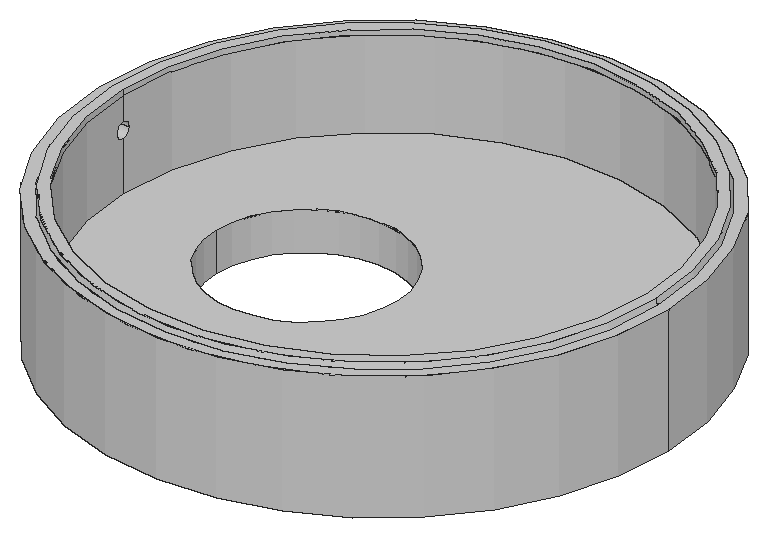
Revit family "KSPF.V 20.5", category Фундамент несущей конструкции, Revit 2025
Family settings
  Материал для поведения модели = Прочее
  Заглушка = Нет
  Номер OmniClass = 23.25.05.00
  Заголовок OmniClass = Foundations
  На основе рабочей плоскости = Нет
  Всегда вертикально = Да
  При загрузке вырезать с полостями = Нет
  Общий = Нет
  Показывать семейство разрезанным на планах = Да
Parameters
  Петля = Петля_П1_П2 : П2
Reference planes
  plane 1 "По центру (Вперед/Назад)": y = -35
  plane 2: z = 0
  plane 3 "По центру (Влево/Вправо)": x = 0
  plane 4: z = 510
  plane 5: z = 490
  plane 6: x = -1010
  plane 7: x = -1100
  plane 8: z = 370
  plane 9: x = -1090
  plane 10: x = 1010
  plane 11: x = 1100
  plane 12: x = 1090
  plane 13: x = -650
  plane 14: x = 50
  plane 15: x = -300
Forms (mm)
  Extrusion 1, solid, material "Бетон В15"
    sketch origin (0, 0, 0) x (1, 0, 0) y (0, 1, 0)
      loop
        circle (0, -35) r 1100
      loop
        circle (0, -35) r 1010
    from 0 to 490
  Extrusion 2, void
    sketch origin (0, 0, 0) x (0, 1, 0) y (0, 0, 1)
      loop
        circle (-35, 370) r 30
    from -1090 to 1090
  Extrusion 3, solid, material "Бетон В15"
    sketch origin (0, 0, 0) x (1, 0, 0) y (0, 1, 0)
      loop
        circle (0, -35) r 1010
      loop
        circle (-300, -35) r 350
    from 0 to 150
  Blend 4, solid, material "Бетон В15"
    base sketch origin (0, 0, 0) x (1, 0, 0) y (0, 1, 0)
      loop
        circle (0, -35) r 1057.35
    top sketch origin (0, 0, 0) x (1, 0, 0) y (0, 1, 0)
      loop
        circle (0, -35) r 1050
    from 490 to 510
  Extrusion 5, void
    sketch origin (0, 0, 0) x (1, 0, 0) y (0, 1, 0)
      loop
        circle (0, -35) r 1010
    from 490 to 510
Cuts and joins
  Extrusion 2, Extrusion 5 cuts Extrusion 1
  Extrusion 5 cuts Extrusion 3
  Extrusion 5 cuts Blend 4
  joined: Extrusion 1, Extrusion 3, Blend 4
Dimensions and locks
  plane 4 to level = 510 mm
  plane 8 to level = 370 mm
  aligned and locked: plane 2 to level
